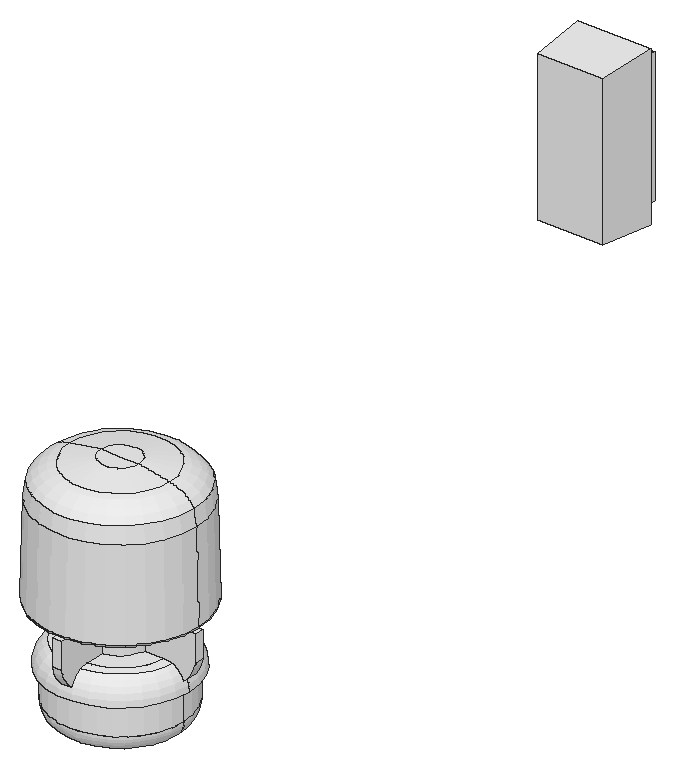
Revit family "Aero RA_MAX_RFA", category Pipe Accessories, Revit 2019
Family settings
  Round Connector Dimension = Use Diameter
  Part Type = Normal
  OmniClass Number = 23.65.55.14.17
  OmniClass Title = Adjusting/Controlling Valves for Liquid Services
  Work Plane-Based = No
  Always vertical = Yes
  Cut with Voids When Loaded = No
  Shared = No
Parameters (values of type "Aero RA_Remote sensor_MAX 21°")
  YH = XYadd - H'  # 1016 mm
  Y' [instance] = if(Box Y Offset < -1 * XYlimit, XYadd - XYlimit, (if(Box Y Offset > XYlimit, XYadd + XYlimit, Box Y Offset + XYadd)))  # 1200 mm
  XYadd = XYlimit + 100 mm  # 1100 mm
  X' [instance] = if(Box X Offset < -1 * XYlimit, XYadd - XYlimit, (if(Box X Offset > XYlimit, XYadd + XYlimit, Box X Offset + XYadd)))  # 1200 mm
  XYlimit = 1000 mm
  W [instance] = 61 mm
  Type = Aero_RFA : Aero
  Setting Temperature Range = "7-21 °C"
  Sensor = Remote sensor_box_RFA : Remote sensor_box
  Remote sensor = if(R_sensor = 1, 1 = 1, 1 = 0)  # yes
  Remote Setting Offset [instance] = 100 mm  # constant formula
  URL = "https://store.danfoss.com/en/Climate-Solutions-for-heating/Radiator-Thermostats/Radiator-sensors/Room-sensor-mTRV/Sensors-for-Danfoss-RA-valves/c/13884?q=%3Arelevance%3Adanfoss_producttypehierarchydesc%3ADanfoss+Aero%C2%AE+Sensors%3Adanfoss_a1186338575%3AA1186_3385756922a4d78decdb47e1e9a53dbb12a95d&text="
  R_sensor = 1
  Model Type = "Aero RA_Remote sensor_MAX 21°"
  Model = "015G4682, 015G4692"
  Manufacturer = "Danfoss"  # constant formula
  LOD 350 = not(LOD 200)  # yes
  LOD 200 = no
  L [instance] = 56 mm
  IfcExportType = "Aero RA"  # constant formula
  IfcExportAs = "IfcActuatorType"  # constant formula
  H' = 84 mm
  H [instance] = 84 mm
  Description = "Radiator Sensor"  # constant formula
  Connection = "RA"  # constant formula
  Cable Length = "0-2m"
  Box Y Offset [instance] = 100 mm
  Box X Offset [instance] = 100 mm
  Body Material = Danfoss Plastic White
  Application = "Gas Sensor"  # constant formula
Types (5, lengths in mm): name | YH | Y' | XYadd | X' | XYlimit | Setting Temperature Range | Remote sensor | URL | R_sensor | Model Type | Model | Cable Length
  (no name) | 1016 | 1200 | 1100 | 1200 | 1000 | "7-21 °C" | yes | "https://store.danfoss.com/en/Climate-Solutions-for-heating/Radiator-Thermostats/Radiator-sensors/Room-sensor-mTRV/Sensors-for-Danfoss-RA-valves/c/13884?q=%3Arelevance%3Adanfoss_producttypehierarchydesc%3ADanfoss+Aero%C2%AE+Sensors%3Adanfoss_a1186338575%3AA1186_3385756922a4d78decdb47e1e9a53dbb12a95d&text=" | 1 | "Aero RA_Remote sensor_MAX 21°" | "015G4682, 015G4692" | "0-2m"
  Aero RA_Remote sensor_MAX 21° | 1016 | 1200 | 1100 | 1200 | 1000 | "7-21 °C" | yes | "https://store.danfoss.com/en/Climate-Solutions-for-heating/Radiator-Thermostats/Radiator-sensors/Room-sensor-mTRV/Sensors-for-Danfoss-RA-valves/c/13884?q=%3Arelevance%3Adanfoss_producttypehierarchydesc%3ADanfoss+Aero%C2%AE+Sensors%3Adanfoss_a1186338575%3AA1186_3385756922a4d78decdb47e1e9a53dbb12a95d&text=" | 1 | "Aero RA_Remote sensor_MAX 21°" | "015G4682, 015G4692" | "0-2m"
  Aero RA_Built-in sensor_MAX 23° | 516 | 700 | 600 | 700 | 500 | "7-23 °C" | no | "https://store.danfoss.com/en/Climate-Solutions-for-heating/Radiator-Thermostats/Radiator-sensors/Room-sensor-mTRV/Sensors-for-Danfoss-RA-valves/c/13884?q=%3Arelevance%3Adanfoss_producttypehierarchydesc%3ADanfoss+Aero%C2%AE+Sensors%3Adanfoss_a1186338575%3AA1186_3385757565fa0f3e171a343b2fd2a01064cb82&text=" | 0 | "Aero RA_Built-in sensor_MAX 23°" | "015G4623, 015G5205" | ""
  Aero RA_Built-in sensor_MAX 21° | 516 | 700 | 600 | 700 | 500 | "7-21 °C" | no | "https://store.danfoss.com/en/Climate-Solutions-for-heating/Radiator-Thermostats/Radiator-sensors/Room-sensor-mTRV/Sensors-for-Danfoss-RA-valves/c/13884?q=%3Arelevance%3Adanfoss_producttypehierarchydesc%3ADanfoss+Aero%C2%AE+Sensors%3Adanfoss_a1186338575%3AA1186_3385757565fa0f3e171a343b2fd2a01064cb82&text=" | 0 | "Aero RA_Built-in sensor_MAX 21°" | "015G4680, 015G4690" | ""
  Aero RA_Built-in sensor_MAX 22° | 516 | 700 | 600 | 700 | 500 | "7-22 °C" | no | "https://store.danfoss.com/en/Climate-Solutions-for-heating/Radiator-Thermostats/Radiator-sensors/Room-sensor-mTRV/Sensors-for-Danfoss-RA-valves/c/13884?q=%3Arelevance%3Adanfoss_producttypehierarchydesc%3ADanfoss+Aero%C2%AE+Sensors%3Adanfoss_a1186338575%3AA1186_3385757565fa0f3e171a343b2fd2a01064cb82&text=" | 0 | "Aero RA_Built-in sensor_MAX 22°" | "015G4622" | ""
Reference planes
  plane 1 "Center (Front/Back)": y = 0
  plane 2: z = 0
  plane 3 "Center (Left/Right)": x = 0
  plane 4: z = 23.299
  plane 5: x = -1100
  plane 6: z = -1016
  plane 7: z = 184
Lines and regions (mm)
  reference lines
    curve 1: line (100, 100, 0) -> (100, 0, 0)
    curve 2: line (20, 100, 0) -> (-60, 100, 0)
Dimensions and locks
  "XYadd": plane 5 to plane 3 "Center (Left/Right)"
  "YH": level to plane 6
  locked: plane 1 "Center (Front/Back)" to curve 2 at 100
  "Y'": plane 7 to plane 6
  "X'": plane 5 to curve 1
  "H": nested 1 to level
  "L": nested 1 to nested 1
  "W": nested 1 to nested 1
  aligned and locked: level to plane 2
  aligned and locked: plane 3 "Center (Left/Right)" to nested 1
  aligned and locked: plane 1 "Center (Front/Back)" to nested 1
  aligned and locked: curve 1 to nested 2
  aligned and locked: plane 7 to nested 2
Automatic sketch dimensions
  plane 1 "Center (Front/Back)" to curve 1 = 0 mm
  plane 3 "Center (Left/Right)" to curve 2 = 20 mm
  curve 2 to plane 3 "Center (Left/Right)" = 60 mm
Nested families
  nested 1: "Aero_RFA" at (0, 0, 0), type <- "Type", type "Aero", detail levels fine
  nested 2: "Remote sensor_box_RFA" at (100, 100, 184) x (-1, 0, 0) z (0, -1, 0), LOD 200 <- "LOD 200", Body Material <- "Body Material", type <- "Sensor", visible <- "Remote sensor", type "Remote sensor_box"
    with LOD 350 yes, LOD 200 no, Body Material Danfoss Plastic White
Definition of nested family "Aero_RFA"
  Parameters (values of type "Aero")
    W [instance] = 61 mm
    URL = ""
    Model = ""
    Manufacturer = "Danfoss"  # constant formula
    LOD 350 = not(LOD 200)  # yes
    LOD 200 = no
    L [instance] = 56 mm
    IfcExportType = "Aero RA"  # constant formula
    IfcExportAs = "IfcActuatorType"  # constant formula
    H [instance] = 84 mm
    Description = "Radiator sensor"  # constant formula
    Connection = ""
    Body Material = none
    Application = "Gas Sensor"  # constant formula
  Reference planes
    plane 1 "Center (Front/Back)": y = 0
    plane 2: z = 0
    plane 3 "Center (Left/Right)": x = 0
    plane 4: y = 30.5
    plane 5: z = 84
    plane 6 "TP": z = 56
    plane 7 "BT": z = 17.2
    plane 8: y = -30.5
    plane 9: x = 28
    plane 10: x = -28
  Forms (mm)
    Revolve 1, solid, material <- "Body Material", visible <- "LOD 350"
      sketch origin (0, 0, 0) x (1, 0, 0) y (0, 0, 1)
        loop
          line (-27.21, 71.107) -> (-27.823, 39.37)
          arc (-27.823, 39.37) -> (-27.68, 39.01) -> (-27.323, 38.861) r 0.499
          line (-27.323, 38.861) -> (-17.836, 38.861) -> (-10.112, 38.861) -> (-10.112, 26.296) -> (-17.085, 26.296) -> (-20.051, 25.879)
          arc (-20.051, 25.879) -> (-23.419, 22.397) -> (-24.647, 17.711) r 9.556
          line (-24.647, 17.711) -> (-22.577, 17.711) -> (-22.577, 7.41)
          arc (-22.577, 7.41) -> (-20.717, 2.921) -> (-16.228, 1.061) r 6.349
          line (-16.228, 1.061) -> (-13.911, 1.061) -> (-13.111, 0) -> (0, 0) -> (0, 84) -> (-6.695, 84) -> (-17.771, 82.172)
          arc (-17.771, 82.172) -> (-22.575, 80.301) -> (-26.215, 76.649) r 12.493
          line (-26.215, 76.649) -> (-27.21, 71.107)
        axis (0, 84) -> (0, 0)
      angle from 0 to 360
    Revolve 2, solid, material <- "Body Material", visible <- "LOD 200"
      sketch origin (0, 0, 0) x (1, 0, 0) y (0, 0, 1)
        loop
          line (0, 84) -> (-13.134, 84)
          arc (-13.134, 84) -> (-23.646, 79.646) -> (-28, 69.134) r 14.866
          line (-28, 69.134) -> (-28, 28.615)
          arc (-28, 28.615) -> (-27.143, 22.911) -> (-24.647, 17.711) r 19.408
          line (-24.647, 17.711) -> (0, 17.711) -> (0, 84)
        axis (0, 84) -> (0, 17.711)
      angle from 0 to 360
    Extrusion 3, solid, material <- "Body Material", visible <- "LOD 350"
      sketch origin (0, 0, 0) x (1, 0, 0) y (0, 0, 1)
        loop
          line (-10.112, 38.861) -> (-18.956, 38.861) -> (-22.118, 37.969) -> (-28, 37.969) -> (-28, 28.615)
          arc (-28, 28.615) -> (-24.743, 22.336) -> (-18.133, 19.817) r 9.932
          line (-18.133, 19.817) -> (-10.112, 19.817) -> (-10.112, 38.861)
      from -1.599 to 1.564
    Extrusion 4, solid, material <- "Body Material", visible <- "LOD 350"
      sketch origin (0, 0, 0) x (0, -1, 0) y (0, 0, -1)
        loop
          line (-10.112, -38.861) -> (-10.112, -19.817) -> (-18.133, -19.817)
          arc (-18.133, -19.817) -> (-24.743, -22.336) -> (-28, -28.615) r 9.932
          line (-28, -28.615) -> (-28, -37.969) -> (-22.118, -37.969) -> (-18.956, -38.861) -> (-10.112, -38.861)
      from -1.599 to 1.564
    Extrusion 5, solid, material <- "Body Material", visible <- "LOD 350"
      sketch origin (0, 0, 0) x (0, 1, 0) y (0, 0, 1)
        loop
          line (-10.112, 38.861) -> (-18.956, 38.861) -> (-22.118, 37.969) -> (-28, 37.969) -> (-28, 28.615)
          arc (-28, 28.615) -> (-24.743, 22.336) -> (-18.133, 19.817) r 9.932
          line (-18.133, 19.817) -> (-10.112, 19.817) -> (-10.112, 38.861)
      from -1.599 to 1.564
    Extrusion 6, solid, material <- "Body Material", visible <- "LOD 350"
      sketch origin (0, 0, 0) x (-1, 0, 0) y (0, 0, -1)
        loop
          line (-10.112, -38.861) -> (-10.112, -19.817) -> (-18.133, -19.817)
          arc (-18.133, -19.817) -> (-24.743, -22.336) -> (-28, -28.615) r 9.932
          line (-28, -28.615) -> (-28, -37.969) -> (-22.118, -37.969) -> (-18.956, -38.861) -> (-10.112, -38.861)
      from -1.599 to 1.564
    Revolve 7, solid, material <- "Body Material", visible <- "LOD 200"
      sketch origin (0, 0, 0) x (1, 0, 0) y (0, 0, 1)
        loop
          line (-22.577, 17.711) -> (-22.577, 0) -> (0, 0) -> (0, 17.711) -> (-22.577, 17.711)
        axis (0, 17.711) -> (0, 0)
      angle from 0 to 360
  Lines and regions (mm)
    symbolic lines
      curve 1: line (25.939, -10.66, 0) -> (27.155, -6.916, 0)
  Dimensions and locks
    "H": plane 5 to level
    "L": plane 10 to plane 9
    "W": plane 4 to plane 8
    plane 10 to plane 3 "Center (Left/Right)" = 28 mm
    plane 3 "Center (Left/Right)" to plane 9 = 28 mm
    equal spacing: plane 4, plane 1 "Center (Front/Back)", plane 8
    aligned and locked: level to plane 2
    aligned and locked: Revolve 7 sketch curve to level
    aligned and locked: plane 3 "Center (Left/Right)" to Revolve 7 sketch curve
    aligned and locked: Revolve 1 to Revolve 7 sketch curve
    aligned and locked: Revolve 7 sketch curve to plane 3 "Center (Left/Right)"
  Automatic sketch dimensions
    curve 1 to plane 9 = 2.061 mm
    plane 1 "Center (Front/Back)" to curve 1 = 10.66 mm
    curve 1 to plane 9 = 0.845 mm
    curve 1 to curve 1 = 3.744 mm
    Extrusion 3 sketch curve to plane 10 = 0 mm
    plane 10 to Extrusion 3 sketch curve = 5.882 mm
    Extrusion 3 sketch curve to Extrusion 3 sketch curve = 3.162 mm
    Extrusion 3 sketch curve to Extrusion 3 sketch curve = 3.985 mm
    Extrusion 3 sketch curve to plane 7 "BT" = 2.617 mm
    Extrusion 3 sketch curve to Extrusion 3 sketch curve = 8.021 mm
    Extrusion 3 sketch curve to plane 7 "BT" = 11.415 mm
    Extrusion 3 sketch curve to Extrusion 3 sketch curve = 9.353 mm
    Extrusion 3 sketch curve to Extrusion 3 sketch curve = 0.892 mm
    Extrusion 4 sketch curve to plane 4 = 2.5 mm
    Extrusion 4 sketch curve to Extrusion 4 sketch curve = 5.882 mm
    Extrusion 4 sketch curve to Extrusion 4 sketch curve = 3.162 mm
    Extrusion 4 sketch curve to Extrusion 4 sketch curve = 3.985 mm
    Extrusion 4 sketch curve to plane 7 "BT" = 2.617 mm
    Extrusion 4 sketch curve to Extrusion 4 sketch curve = 8.021 mm
    Extrusion 4 sketch curve to plane 7 "BT" = 11.415 mm
    Extrusion 4 sketch curve to Extrusion 4 sketch curve = 9.353 mm
    Extrusion 4 sketch curve to Extrusion 4 sketch curve = 0.892 mm
    plane 8 to Extrusion 5 sketch curve = 2.5 mm
    Extrusion 5 sketch curve to Extrusion 5 sketch curve = 5.882 mm
    Extrusion 5 sketch curve to Extrusion 5 sketch curve = 3.162 mm
    Extrusion 5 sketch curve to Extrusion 5 sketch curve = 3.985 mm
    Extrusion 5 sketch curve to plane 7 "BT" = 2.617 mm
    Extrusion 5 sketch curve to Extrusion 5 sketch curve = 8.021 mm
    Extrusion 5 sketch curve to plane 7 "BT" = 11.415 mm
    Extrusion 5 sketch curve to Extrusion 5 sketch curve = 9.353 mm
    Extrusion 5 sketch curve to Extrusion 5 sketch curve = 0.892 mm
    Extrusion 6 sketch curve to plane 9 = 0 mm
    Extrusion 6 sketch curve to Extrusion 6 sketch curve = 5.882 mm
    Extrusion 6 sketch curve to Extrusion 6 sketch curve = 3.162 mm
    Extrusion 6 sketch curve to Extrusion 6 sketch curve = 3.985 mm
    plane 7 "BT" to Extrusion 6 sketch curve = 2.617 mm
    Extrusion 6 sketch curve to Extrusion 6 sketch curve = 8.021 mm
    plane 7 "BT" to Extrusion 6 sketch curve = 11.415 mm
    Extrusion 6 sketch curve to Extrusion 6 sketch curve = 9.353 mm
    Extrusion 6 sketch curve to Extrusion 6 sketch curve = 0.892 mm
    plane 10 to Revolve 7 sketch curve = 5.423 mm
    Revolve 7 sketch curve to level = 366.045 mm
    plane 5 to Revolve 7 sketch curve = 2130.315 mm
    Revolve 1 sketch curve to level = 0 mm
    Revolve 1 sketch curve to plane 5 = 0 mm
    Revolve 1 sketch curve to plane 3 "Center (Left/Right)" = 0 mm  (x2)
    Revolve 1 sketch curve to plane 3 "Center (Left/Right)" = 10.112 mm
    Revolve 1 sketch curve to plane 3 "Center (Left/Right)" = 13.111 mm
    level to Revolve 1 sketch curve = 1.061 mm
    Revolve 1 sketch curve to Revolve 1 sketch curve = 0.8 mm
    Revolve 1 sketch curve to plane 7 "BT" = 0.511 mm
    Revolve 1 sketch curve to Revolve 1 sketch curve = 4.979 mm
    plane 10 to Revolve 1 sketch curve = 12.263 mm
    Revolve 1 sketch curve to Revolve 1 sketch curve = 2.317 mm
    Revolve 1 sketch curve to Revolve 1 sketch curve = 6.973 mm
    Revolve 1 sketch curve to Revolve 1 sketch curve = 7.723 mm
    Revolve 1 sketch curve to Revolve 1 sketch curve = 2.966 mm
    plane 10 to Revolve 1 sketch curve = 5.423 mm
    Revolve 1 sketch curve to Revolve 1 sketch curve = 2.07 mm
    plane 10 to Revolve 1 sketch curve = 1.785 mm
    plane 10 to Revolve 1 sketch curve = 0.79 mm
    plane 10 to Revolve 1 sketch curve = 0.677 mm
    Revolve 1 sketch curve to Revolve 1 sketch curve = 0.001 mm
    plane 10 to Revolve 1 sketch curve = 0.177 mm
    Revolve 1 sketch curve to plane 7 "BT" = 9.096 mm
    Revolve 1 sketch curve to Revolve 1 sketch curve = 12.565 mm
    Revolve 1 sketch curve to Revolve 1 sketch curve = 0.499 mm
    Revolve 1 sketch curve to plane 6 "TP" = 13.845 mm
    Revolve 1 sketch curve to Revolve 1 sketch curve = 1.262 mm
    Revolve 1 sketch curve to Revolve 1 sketch curve = 5.542 mm
    Revolve 1 sketch curve to plane 3 "Center (Left/Right)" = 6.695 mm
    Revolve 1 sketch curve to plane 5 = 1.828 mm
    Revolve 1 sketch curve to level = 366.045 mm
    Revolve 1 sketch curve to Revolve 1 sketch curve = 2130.315 mm
    Revolve 2 sketch curve to plane 10 = 0 mm
    Revolve 2 sketch curve to plane 5 = 0 mm
    Revolve 2 sketch curve to plane 3 "Center (Left/Right)" = 0 mm  (x2)
    Revolve 2 sketch curve to plane 7 "BT" = 0.511 mm
    plane 10 to Revolve 2 sketch curve = 3.353 mm
    Revolve 2 sketch curve to plane 3 "Center (Left/Right)" = 13.134 mm
    Revolve 2 sketch curve to plane 3 "Center (Left/Right)" = 8.592 mm
    Revolve 2 sketch curve to level = 366.045 mm
    Revolve 2 sketch curve to Revolve 2 sketch curve = 2130.315 mm
    Revolve 2 sketch curve to Revolve 2 sketch curve = 13.134 mm
Definition of nested family "Remote sensor_box_RFA"
  Parameters (values of type "Remote sensor_box")
    W [instance] = 56 mm
    URL = ""
    Model = ""
    Manufacturer = "Danfoss"  # constant formula
    LOD 350 [instance] = not(LOD 200)  # no
    LOD 200 [instance] = yes
    L [instance] = 26 mm
    IfcExportType = "Remote Gas Sensor"  # constant formula
    IfcExportAs = "IfcActuatorType"  # constant formula
    H [instance] = 25 mm
    Description = "Radiator Sensor"  # constant formula
    Default Elevation = 1219.2 mm
    Body Material [instance] = none
    Application = "Gas Sensor"  # constant formula
  Reference planes
    plane 1 "Center (Front/Back)": y = 0
    plane 2: z = 0
    plane 3 "Center (Left/Right)": x = 0
    plane 4: z = 25
    plane 5: y = 28
    plane 6: y = -28
    plane 7: x = -13
    plane 8: x = 13
  Forms (mm)
    Extrusion 1, solid, material <- "Body Material", detail levels fine
      sketch origin (0, 0, 83.1) x (0, -1, 0) y (1, 0, 0)
        loop
          line (-23.8, -10) -> (23.8, -10) -> (23.8, 9.915) -> (-23.8, 9.915) -> (-23.8, -10)
      from -83.1 to -77.6
    Extrusion 2, solid, material <- "Body Material", visible <- "LOD 200", detail levels fine
      sketch origin (0, 0, 88.6) x (0, -1, 0) y (1, 0, 0)
        loop
          line (-28, -13) -> (28, -13) -> (28, 13) -> (-28, 13) -> (-28, -13)
      from -83.1 to -63.6
    Blend 3, solid, material <- "Body Material", visible <- "LOD 350", detail levels fine
      base sketch origin (0, 0, 82.972) x (0, -1, 0) y (1, 0, 0)
        loop
          line (-28.001, -13) -> (28, -13) -> (28, 13) -> (-28.001, 13) -> (-28.001, -13)
      top sketch origin (0, 0, 82.972) x (0, -1, 0) y (1, 0, 0)
        loop
          line (-26.435, -11.489) -> (26.435, -11.489) -> (26.435, 11.489) -> (-26.435, 11.489) -> (-26.435, -11.489)
      from -77.6 to -57.972
    Extrusion 4, void
      sketch origin (0, 0, 0) x (0, 1, 0) y (0, 0, 1)
        loop
          line (28.001, 5.372) -> (31.043, 5.372) -> (31.043, 25) -> (25.964, 25) -> (28.001, 5.372)
        loop
          line (-25.965, 25) -> (-31.105, 25) -> (-31.105, 5.372) -> (-28, 5.372) -> (-25.965, 25)
      from -17.5 to 17.5
    Extrusion 5, solid, material <- "Body Material", detail levels coarse+medium
      sketch origin (0, 0, 0) x (0, 1, 0) y (0, 0, 1)
        loop
          line (28, 25) -> (-28, 25) -> (-28, 0) -> (28, 0) -> (28, 25)
      from -13 to 13
  Dimensions and locks
    "H": plane 4 to level
    equal spacing: plane 7, plane 3 "Center (Left/Right)", plane 8
    equal spacing: plane 5, plane 1 "Center (Front/Back)", plane 6
    "W": plane 5 to plane 6
    "L": plane 7 to plane 8
    plane 8 to plane 7 = 26 mm
    level to Extrusion 5 = 25 mm
    aligned and locked: level to plane 2
    aligned and locked: Extrusion 1 to level
    aligned and locked: Extrusion 2 to plane 7
    aligned and locked: plane 8 to Extrusion 2
    aligned and locked: plane 4 to Extrusion 2
    aligned and locked: plane 5 to Extrusion 2
    aligned and locked: Extrusion 2 to plane 6
  Automatic sketch dimensions
    Extrusion 1 sketch curve to plane 5 = 4.2 mm
    plane 6 to Extrusion 1 sketch curve = 4.2 mm
    plane 7 to Extrusion 1 sketch curve = 3 mm
    Extrusion 1 sketch curve to plane 8 = 3.085 mm
    Extrusion 2 sketch curve to plane 5 = 0 mm
    Extrusion 2 sketch curve to plane 6 = 0 mm
    plane 7 to Extrusion 2 sketch curve = 0 mm
    Extrusion 2 sketch curve to plane 8 = 0 mm
    plane 6 to Blend 3 sketch curve = 0 mm
    Blend 3 sketch curve to plane 5 = 1.565 mm
    plane 7 to Blend 3 sketch curve = 1.511 mm
    plane 6 to Blend 3 sketch curve = 1.565 mm
    Blend 3 sketch curve to plane 8 = 1.511 mm
    Extrusion 4 sketch curve to plane 4 = 0 mm  (x2)
    Extrusion 4 sketch curve to plane 6 = 3.105 mm
    plane 6 to Extrusion 4 sketch curve = 0 mm
    plane 5 to Extrusion 4 sketch curve = 0.001 mm
    level to Extrusion 4 sketch curve = 5.372 mm  (x2)
    plane 6 to Extrusion 4 sketch curve = 2.035 mm
    Extrusion 4 sketch curve to plane 5 = 2.036 mm
    Extrusion 4 sketch curve to Extrusion 4 sketch curve = 3.042 mm
    plane 5 to Blend 3 sketch curve = 0.001 mm
    plane 7 to Blend 3 sketch curve = 0 mm
    Blend 3 sketch curve to plane 8 = 0 mm
    Extrusion 5 sketch curve to plane 4 = 0 mm
    Extrusion 5 sketch curve to plane 6 = 0 mm
    Extrusion 5 sketch curve to level = 0 mm
    Extrusion 5 sketch curve to plane 5 = 0 mm
